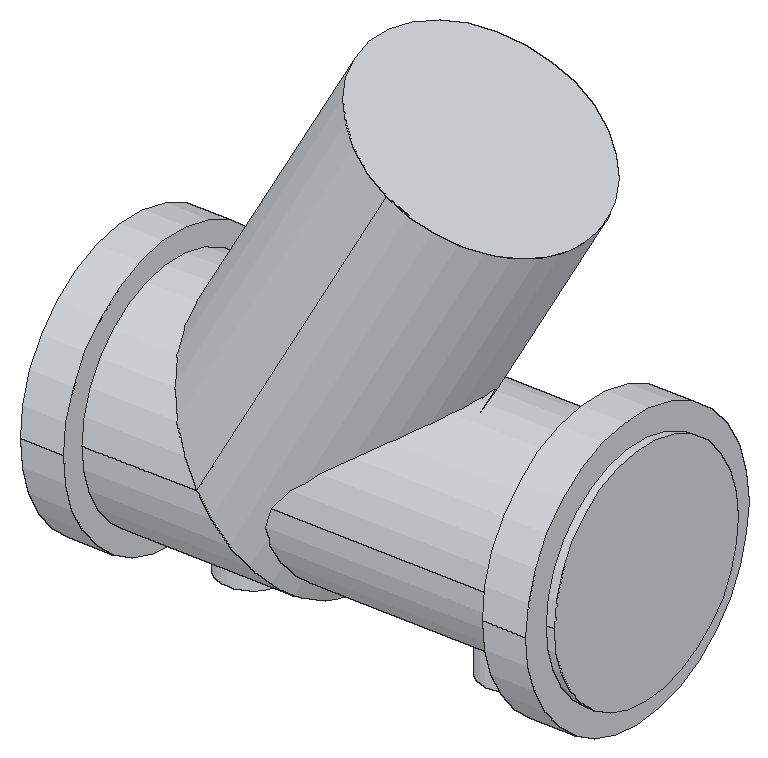
Revit family "HS 821-síto_standard-PN16-DN350-RFA_2018", category Pipe Accessories, Revit 2018
Family settings
  Round Connector Dimension = Use Diameter
  Part Type = Breaks Into
  Work Plane-Based = No
  Always vertical = Yes
  Cut with Voids When Loaded = No
  Shared = No
Parameters (values of type "821A-DN350-PN16-síto_standard")
  magiProductId = "eebc71459bb3451bb4355e7951370a"
  magiProductFamilyId = "79214ac3aaa945e397802f559f5c1e"
  magiPartTypeId = 307
  isMeasuringValve [instance] = no
  ang2D [instance] = 0.00°
  ZB__ve = -ZB  # -80 mm
  ZB1 = 173.745 mm
  ZB = 80 mm
  X2 = 356.875 mm
  X1 = 137.2 mm
  W2D = 15 mm
  VersionID = "2.0/2017.9.26.1/ZETKAMA_821_001"
  Use Minimum Symbol Size [instance] = yes
  URL = "www.hydronix.cz"
  Type Comments = "Filtr přírubový; síto standardní; A-PN16 (-10~300°C); D-PN25 (-10~350°C); F-PN40 (-10~400°C)"
  S = 429 mm
  QmdConnectorList = "301;D;302;D"
  Productdata [instance] = ""
  Manufacturer = "Hydronix"
  MC Product Code = "200 196 (821A; DN350; PN16; kvs2621; oko síta 1,60mm)"
  LM1 = 78.4 mm
  LM = 784 mm
  L4 = 245 mm
  L2D_Min = 3048 mm
  L2D = 130 mm
  L2 = 490 mm
  HH2 = 618.125 mm
  FD = 520 mm
  Description = "Filtr přírubový; síto standardní; 821A-PN16; 821D-PN25; 821F-PN40"
  DM1 = 438 mm
  DM = 386.1 mm
  D = 350 mm
  CC = 16.66 mm
  CAT0 = yes
  C1 = 81.34 mm
  C = 98 mm
  BD = 121.621 mm
Types (40, lengths in mm): name | magiProductId | ZB__ve | ZB1 | ZB | X2 | X1 | S | MC Product Code | LM1 | LM | L4 | L2 | HH2 | FD | DM1 | DM | D | CC | C1 | C | BD
  821A-DN015-PN16-síto_standard | "a71bcfe8b393460598b23e8ddf7dc5" | -16.25 | 18.63 | 16.25 | 46.982 | 18.2 | 46 | "200 115 (821A; DN015; PN16; kvs6,3; oko síta 1,00mm)" | 10.4 | 104 | 32.5 | 65 | 81.375 | 95 | 27.6 | 41.4 | 15 | 2.21 | 10.79 | 13 | 13.041
  821A-DN020-PN16-síto_standard | "41cd6c7a12924f4991217528336076" | -17.75 | 22.68 | 17.75 | 51.673 | 21 | 56 | "200 120 (821A; DN020; PN16; kvs11,2; oko síta 1,00mm)" | 12 | 120 | 37.5 | 75 | 89.5 | 105 | 33.6 | 50.4 | 20 | 2.55 | 12.45 | 15 | 15.876
  821A-DN025-PN16-síto_standard | "be378b463ed14c3abf4c9b3ae8cf3a" | -19.25 | 26.325 | 19.25 | 58.601 | 22.4 | 65 | "200 125 (821A; DN025; PN16; kvs14,7; oko síta 1,00mm)" | 12.8 | 128 | 40 | 80 | 101.5 | 115 | 43.2 | 58.5 | 25 | 2.72 | 13.28 | 16 | 18.427
  821A-DN032-PN16-síto_standard | "227a0d18b21540afabe8b6067d35fa" | -23 | 30.78 | 23 | 68.849 | 25.2 | 76 | "200 132 (821A; DN032; PN16; kvs23,7; oko síta 1,00mm)" | 14.4 | 144 | 45 | 90 | 119.25 | 140 | 50.4 | 68.4 | 32 | 3.06 | 14.94 | 18 | 21.546
  821A-DN040-PN16-síto_standard | "d106917c74724141a10440112d0102" | -24.5 | 34.02 | 24.5 | 75.777 | 28 | 84 | "200 140 (821A; DN040; PN16; kvs37,7; oko síta 1,00mm)" | 16 | 160 | 50 | 100 | 131.25 | 150 | 60 | 75.6 | 40 | 3.4 | 16.6 | 20 | 23.814
  821A-DN050-PN16-síto_standard | "8255d456a09e4f6486734f5dd9171b" | -26.75 | 40.095 | 26.75 | 79.061 | 32.2 | 99 | "200 150 (821A; DN050 PN16; kvs57,9; oko síta 1,00mm)" | 18.4 | 184 | 57.5 | 115 | 136.938 | 165 | 73.8 | 89.1 | 50 | 3.91 | 19.09 | 23 | 28.066
  821A-DN065-PN16-síto_standard | "235b1b3e4c0843779a4d5e3716d40a" | -29.75 | 47.79 | 29.75 | 86.927 | 40.6 | 118 | "200 165 (821A; DN065; PN16; kvs101,5; oko síta 1,25mm)" | 23.2 | 232 | 72.5 | 145 | 150.562 | 185 | 94.2 | 106.2 | 65 | 4.93 | 24.07 | 29 | 33.453
  821A-DN080-PN16-síto_standard | "a067f7c5236348ed8c820d16df7214" | -32 | 53.46 | 32 | 104.753 | 43.4 | 132 | "200 180 (821A; DN080; PN16; kvs147,4; oko síta 1,25mm)" | 24.8 | 248 | 77.5 | 155 | 181.438 | 200 | 107.4 | 118.8 | 80 | 5.27 | 25.73 | 31 | 37.422
  821A-DN100-PN16-síto_standard | "c49a648c2747461285837d643703cd" | -35 | 63.18 | 35 | 114.857 | 49 | 156 | "200 190 (821A; DN100; PN16; kvs209,6; oko síta 1,60mm)" | 28 | 280 | 87.5 | 175 | 198.937 | 220 | 131.4 | 140.4 | 100 | 5.95 | 29.05 | 35 | 44.226
  821A-DN125-PN16-síto_standard | "bf68e728a163493cbd2a663b26ebdc" | -39.5 | 74.52 | 39.5 | 131.888 | 56 | 184 | "200 191 (821A; DN125; PN16; kvs326,2; oko síta 1,60mm)" | 32 | 320 | 100 | 200 | 228.438 | 250 | 165 | 165.6 | 125 | 6.8 | 33.2 | 40 | 52.164
  821A-DN150-PN16-síto_standard | "2de770284b654863ae6bc865769dc5" | -44.75 | 85.455 | 44.75 | 155.885 | 67.2 | 211 | "200 192 (821A; DN150; PN16; kvs403; oko síta 1,60mm)" | 38.4 | 384 | 120 | 240 | 270 | 285 | 192 | 189.9 | 150 | 8.16 | 39.84 | 48 | 59.818
  821A-DN200-PN16-síto_standard | "8e5693371ab64aabb29a7f08c76e15" | -53 | 107.73 | 53 | 188.361 | 84 | 266 | "200 193 (821A; DN200; PN16; kvs707; oko síta 1,60mm)" | 48 | 480 | 150 | 300 | 326.25 | 340 | 252 | 239.4 | 200 | 10.2 | 49.8 | 60 | 75.411
  821A-DN250-PN16-síto_standard | "05e37ed948c34047acdd4c42556504" | -62.75 | 129.195 | 62.75 | 255.911 | 102.2 | 319 | "200 194 (821A; DN250; PN16; kvs1234; oko síta 1,60mm)" | 58.4 | 584 | 182.5 | 365 | 443.25 | 405 | 309.6 | 287.1 | 250 | 12.41 | 60.59 | 73 | 90.436
  821A-DN300-PN16-síto_standard | "9ad0af747269428da925480d83ce80" | -71 | 149.85 | 71 | 325.914 | 119 | 370 | "200 195 (821A; DN300; PN16; kvs1916; oko síta 1,60mm)" | 68 | 680 | 212.5 | 425 | 564.5 | 460 | 369.6 | 333 | 300 | 14.45 | 70.55 | 85 | 104.895
  821A-DN350-PN16-síto_standard | "eebc71459bb3451bb4355e7951370a" | -80 | 173.745 | 80 | 356.875 | 137.2 | 429 | "200 196 (821A; DN350; PN16; kvs2621; oko síta 1,60mm)" | 78.4 | 784 | 245 | 490 | 618.125 | 520 | 438 | 386.1 | 350 | 16.66 | 81.34 | 98 | 121.621
  821A-DN400-PN16-síto_standard | "d2f677cb196647e385b2590e7d8abe" | -89 | 194.4 | 89 | 392.237 | 154 | 480 | "200 197 (821A; DN400; PN16; kvs3460; oko síta 1,60mm)" | 88 | 880 | 275 | 550 | 679.375 | 580 | 498 | 432 | 400 | 18.7 | 91.3 | 110 | 136.08
  821D-DN015-PN25-síto_standard | "27ddcbf555414f8ca1fde329bf9087" | -16.25 | 18.63 | 16.25 | 46.982 | 18.2 | 46 | "200 215 (821D; DN015; PN25; kvs6,3; oko síta 1,00mm)" | 10.4 | 104 | 32.5 | 65 | 81.375 | 95 | 27.6 | 41.4 | 15 | 2.21 | 10.79 | 13 | 13.041
  821D-DN020-PN25-síto_standard | "270e0f14012f47189cd0235c18faee" | -17.75 | 22.68 | 17.75 | 51.673 | 21 | 56 | "200 220 (821D; DN020; PN25; kvs11,2; oko síta 1,00mm)" | 12 | 120 | 37.5 | 75 | 89.5 | 105 | 33.6 | 50.4 | 20 | 2.55 | 12.45 | 15 | 15.876
  821D-DN025-PN25-síto_standard | "b9a7fb4aa36643878c637d8e1ab992" | -19.25 | 26.325 | 19.25 | 58.601 | 22.4 | 65 | "200 225 (821D; DN025; PN25; kvs14,7; oko síta 1,00mm)" | 12.8 | 128 | 40 | 80 | 101.5 | 115 | 43.2 | 58.5 | 25 | 2.72 | 13.28 | 16 | 18.427
  821D-DN032-PN25-síto_standard | "6be9a55c4e68400f94eec7e804204c" | -23 | 30.78 | 23 | 68.849 | 25.2 | 76 | "200 232 (821D; DN032; PN25; kvs23,7; oko síta 1,00mm)" | 14.4 | 144 | 45 | 90 | 119.25 | 140 | 50.4 | 68.4 | 32 | 3.06 | 14.94 | 18 | 21.546
  821D-DN040-PN25-síto_standard | "c54511bd7f584ec2984291479612cb" | -24.5 | 34.02 | 24.5 | 75.777 | 28 | 84 | "200 240 (821D; DN040; PN25; kvs37,7; oko síta 1,00mm)" | 16 | 160 | 50 | 100 | 131.25 | 150 | 60 | 75.6 | 40 | 3.4 | 16.6 | 20 | 23.814
  821D-DN050-PN25-síto_standard | "5483b1f596b04cd39b23a14a22c90e" | -26.75 | 40.095 | 26.75 | 79.061 | 32.2 | 99 | "200 250 (821D; DN050; PN25; kvs57,9; oko síta 1,00mm)" | 18.4 | 184 | 57.5 | 115 | 136.938 | 165 | 73.8 | 89.1 | 50 | 3.91 | 19.09 | 23 | 28.066
  821D-DN065-PN25-síto_standard | "767b0f8318e94750bc7a9930ed5b30" | -29.75 | 47.79 | 29.75 | 86.927 | 40.6 | 118 | "200 265 (821D; DN065; PN25; kvs101,5; oko síta 1,25mm)" | 23.2 | 232 | 72.5 | 145 | 150.562 | 185 | 94.2 | 106.2 | 65 | 4.93 | 24.07 | 29 | 33.453
  821D-DN080-PN25-síto_standard | "e21040fa3cc2404b858198f6b73709" | -32 | 53.46 | 32 | 104.753 | 43.4 | 132 | "200 280 (821D; DN080; PN25; kvs147,4; oko síta 1,25mm)" | 24.8 | 248 | 77.5 | 155 | 181.438 | 200 | 107.4 | 118.8 | 80 | 5.27 | 25.73 | 31 | 37.422
  821D-DN100-PN25-síto_standard | "175ca87a506b40b3bc6b82f12f33cf" | -37.25 | 63.18 | 37.25 | 114.857 | 49 | 156 | "200 290 (821D; DN100; PN25; kvs209,6; oko síta 1,60mm)" | 28 | 280 | 87.5 | 175 | 198.937 | 235 | 131.4 | 140.4 | 100 | 5.95 | 29.05 | 35 | 44.226
  821D-DN125-PN25-síto_standard | "77cc98d60da24855999a22dff726b2" | -42.5 | 74.52 | 42.5 | 131.888 | 56 | 184 | "200 291 (821D; DN125; PN25; kvs326,2; oko síta 1,60mm)" | 32 | 320 | 100 | 200 | 228.438 | 270 | 165 | 165.6 | 125 | 6.8 | 33.2 | 40 | 52.164
  821D-DN150-PN25-síto_standard | "9cf8acfcd15547d68e83172d3abcbe" | -47 | 85.455 | 47 | 155.885 | 67.2 | 211 | "200 292 (821D; DN150; PN25; kvs403; oko síta 1,60mm)" | 38.4 | 384 | 120 | 240 | 270 | 300 | 192 | 189.9 | 150 | 8.16 | 39.84 | 48 | 59.818
  821D-DN200-PN25-síto_standard | "16973f3c9ea14389ba8602495a6b64" | -56 | 110.97 | 56 | 188.361 | 84 | 274 | "200 293 (821D; DN200; PN25; kvs707; oko síta 1,60mm)" | 48 | 480 | 150 | 300 | 326.25 | 360 | 252 | 246.6 | 200 | 10.2 | 49.8 | 60 | 77.679
  821F-DN015-PN40-síto_standard | "4c7eaf3c4c0340888b3e684d8a8616" | -16.25 | 18.225 | 16.25 | 46.982 | 18.2 | 45 | "240 615 (821F; DN015; PN40; kvs6,3; oko síta 1,00mm)" | 10.4 | 104 | 32.5 | 65 | 81.375 | 95 | 27.6 | 40.5 | 15 | 2.21 | 10.79 | 13 | 12.757
  821F-DN020-PN40-síto_standard | "aaac5f1ec96b44d6ba96ac2293d66d" | -17.75 | 23.49 | 17.75 | 51.673 | 21 | 58 | "240 620 (821F; DN020; PN40; kvs11,2; oko síta 1,00mm)" | 12 | 120 | 37.5 | 75 | 89.5 | 105 | 33.6 | 52.2 | 20 | 2.55 | 12.45 | 15 | 16.443
  821F-DN025-PN40-síto_standard | "504768023968471481789485b54c7e" | -19.25 | 27.54 | 19.25 | 58.601 | 22.4 | 68 | "240 625 (821F; DN025; PN40; kvs14,7; oko síta 1,00mm)" | 12.8 | 128 | 40 | 80 | 101.5 | 115 | 43.2 | 61.2 | 25 | 2.72 | 13.28 | 16 | 19.278
  821F-DN032-PN40-síto_standard | "165e7f39cf744f329bdf1c400dad12" | -23 | 31.59 | 23 | 68.849 | 25.2 | 78 | "240 632 (821F; DN032; PN40; kvs23,7; oko síta 1,00mm)" | 14.4 | 144 | 45 | 90 | 119.25 | 140 | 50.4 | 70.2 | 32 | 3.06 | 14.94 | 18 | 22.113
  821F-DN040-PN40-síto_standard | "b8903f952089408fbf3a5a632bab1f" | -24.5 | 35.64 | 24.5 | 75.777 | 28 | 88 | "240 640 (821F; DN040; PN40; kvs37,7; oko síta 1,00mm)" | 16 | 160 | 50 | 100 | 131.25 | 150 | 60 | 79.2 | 40 | 3.4 | 16.6 | 20 | 24.948
  821F-DN050-PN40-síto_standard | "c451f97266fe48da8f879cb6a2bd44" | -26.75 | 41.31 | 26.75 | 79.061 | 32.2 | 102 | "240 650 (821F; DN050; PN40; kvs57,9; oko síta 1,00mm)" | 18.4 | 184 | 57.5 | 115 | 136.938 | 165 | 73.8 | 91.8 | 50 | 3.91 | 19.09 | 23 | 28.917
  821F-DN065-PN40-síto_standard | "dc9821e3f9b34e128f6a8c6b34c198" | -29.75 | 49.41 | 29.75 | 86.927 | 40.6 | 122 | "240 665 (821F; DN065; PN40; kvs101,5; oko síta 1,25mm)" | 23.2 | 232 | 72.5 | 145 | 150.562 | 185 | 94.2 | 109.8 | 65 | 4.93 | 24.07 | 29 | 34.587
  821F-DN080-PN40-síto_standard | "689aa1e260f84cf4994f027a1d86b5" | -32 | 55.89 | 32 | 104.753 | 43.4 | 138 | "240 680 (821F; DN080; PN40; kvs147,4; oko síta 1,25mm)" | 24.8 | 248 | 77.5 | 155 | 181.438 | 200 | 107.4 | 124.2 | 80 | 5.27 | 25.73 | 31 | 39.123
  821F-DN100-PN40-síto_standard | "8a45d4e8e2ab425f8c432f21d684f3" | -37.25 | 65.61 | 37.25 | 114.857 | 49 | 162 | "240 690 (821F; DN100; PN40; kvs209,6; oko síta 1,6mm)" | 28 | 280 | 87.5 | 175 | 198.937 | 235 | 131.4 | 145.8 | 100 | 5.95 | 29.05 | 35 | 45.927
  821F-DN125-PN40-síto_standard | "cf073904c006406b8645afa67ea2fc" | -42.5 | 76.14 | 42.5 | 131.888 | 56 | 188 | "240 691 (821F; DN125; PN40; kvs326,2; oko síta 1,6mm)" | 32 | 320 | 100 | 200 | 228.438 | 270 | 165 | 169.2 | 125 | 6.8 | 33.2 | 40 | 53.298
  821F-DN150-PN40-síto_standard | "0153b9ddabe14992a630484929fdbc" | -47 | 88.29 | 47 | 155.885 | 67.2 | 218 | "240 692 (821F; DN150; PN40; kvs403; oko síta 1,6mm)" | 38.4 | 384 | 120 | 240 | 270 | 300 | 192 | 196.2 | 150 | 8.16 | 39.84 | 48 | 61.803
  821F-DN200-PN40-síto_standard | "7fb3fc01dd8d42428c203e3f8dd4d5" | -56 | 115.425 | 56 | 188.361 | 84 | 285 | "240 693 (821F; DN200; PN40; kvs707; oko síta 1,6mm)" | 48 | 480 | 150 | 300 | 326.25 | 360 | 252 | 256.5 | 200 | 10.2 | 49.8 | 60 | 80.797
Reference planes
  plane 1 "Center (Front/Back)": y = 0
  plane 2 "XYPLANE": z = 0
  plane 3 "Center (Left/Right)": x = 0
  plane 4 "109": x = -313.6
  plane 5 "108": x = 392
  plane 6 "107": x = -392
  plane 7 "105": x = 490
  plane 8 "104": x = -490
  plane 9 "103": y = 0
  plane 10 "102": z = 0
  plane 11 "101": x = -473.34
  plane 12 "100": x = 473.34
  plane 13 "11": x = -176.4
  plane 14 "10": z = 618.125
  plane 15 "9": x = 180.475
  plane 16 "5": z = -173.745
  plane 17 "4": x = -245
  plane 18 "1": x = 245
Forms (mm)
  Extrusion 1, solid, visible <- "CAT0"
    sketch origin (-392, -750, 0) x (0, 1, 0) y (0, 0, 1)
      loop
        circle (750, 0) r 193.05
    from 0 to 784 <- "LM"
  Extrusion 2, solid
    sketch origin (-490, -750, 0) x (0, 1, 0) y (0, 0, 1)
      loop
        circle (750, 0) r 214.5
    from 0 to 16.66 <- "CC"
  Extrusion 3, solid
    sketch origin (-473.34, -750, 0) x (0, 1, 0) y (0, 0, 1)
      loop
        circle (750, 0) r 260
    from 0 to 81.34 <- "C1"
  Extrusion 4, solid
    sketch origin (392, -750, 0) x (0, 1, 0) y (0, 0, 1)
      loop
        circle (750, 0) r 260
    from 0 to 81.34 <- "C1"
  Extrusion 5, solid
    sketch origin (473.34, -750, 0) x (0, 1, 0) y (0, 0, 1)
      loop
        circle (750, 0) r 214.5
    from 0 to 16.66 <- "CC"
  Sweep 6, solid, visible <- "CAT0"
    path origin (750, 0, 0) x (-1, 0, 0) y (0, 0, 1)
      loop
        line (1142, 0) -> (926.4, 0) -> (569.525, 618.125)
    profile origin (-392, 0, 0) x (0, 0, -1) y (0, 1, 0)
      loop
        circle (0, 0) r 219
  Extrusion 7, solid, visible <- "CAT0"
    sketch origin (-750, 0, -173.745) x (1, 0, 0) y (0, 1, 0)
      loop
        circle (505, 0) r 60.811
    from 0 to -80 <- "ZB__ve"
  Extrusion 8, solid, visible <- "CAT0"
    sketch origin (-750, 0, -173.745) x (1, 0, 0) y (0, 1, 0)
      loop
        circle (995, 0) r 60.811
    from 0 to -80 <- "ZB__ve"
  Extrusion 9, solid, not visible
    sketch origin (490, -750, 0) x (0, 1, 0) y (0, 0, 1)
      loop
        circle (750, 0) r 10
    from 0 to -10
  Extrusion 10, solid, not visible
    sketch origin (-490, -750, 0) x (0, 1, 0) y (0, 0, 1)
      loop
        circle (750, 0) r 10
    from 0 to 10
Lines and regions (mm)
  reference lines, not visible
    curve 1: circle (2, 2, 0) r 1 normal (0, 0, 1)
Dimensions and locks
  plane 1 "Center (Front/Back)" to curve 1 = 2 mm
  "LM1": plane 6 "107" to plane 4 "109"
  "LM": plane 6 "107" to plane 5 "108"
  "C": plane 8 "104" to plane 6 "107"
  "L2": plane 3 "Center (Left/Right)" to plane 7 "105"
  "L2": plane 3 "Center (Left/Right)" to plane 8 "104"
  locked: plane 1 "Center (Front/Back)" to plane 9 "103"
  locked: plane 2 "XYPLANE" to plane 10 "102"
  "CC": plane 8 "104" to plane 11 "101"
  "C1": plane 5 "108" to plane 12 "100"
  "X1": plane 4 "109" to plane 13 "11"
  "HH2": plane 2 "XYPLANE" to plane 14 "10"
  "X2": plane 13 "11" to plane 15 "9"
  "ZB1": plane 2 "XYPLANE" to plane 16 "5"
  "L4": plane 8 "104" to plane 17 "4"
  "L2": plane 17 "4" to plane 18 "1"
  Sweep 6 sketch curve to Sweep 6 sketch curve = 0 mm  (x2)
  "DM": diameter of Extrusion 1 sketch curve
  "S": diameter of Extrusion 2 sketch curve
  "FD": diameter of Extrusion 3 sketch curve
  "FD": diameter of Extrusion 4 sketch curve
  "S": diameter of Extrusion 5 sketch curve
  "DM1": diameter of Sweep 6 sketch curve
  "BD": diameter of Extrusion 7 sketch curve
  "BD": diameter of Extrusion 8 sketch curve
  aligned and locked: level to plane 2 "XYPLANE"
  aligned and locked: Extrusion 1 sketch curve to plane 9 "103"
  aligned and locked: plane 10 "102" to Extrusion 1 sketch curve
  aligned and locked: Extrusion 2 sketch curve to plane 9 "103"
  aligned and locked: plane 10 "102" to Extrusion 2 sketch curve
  aligned and locked: Extrusion 3 sketch curve to plane 9 "103"
  aligned and locked: plane 10 "102" to Extrusion 3 sketch curve
  aligned and locked: Extrusion 4 sketch curve to plane 9 "103"
  aligned and locked: plane 10 "102" to Extrusion 4 sketch curve
  aligned and locked: Extrusion 5 sketch curve to plane 9 "103"
  aligned and locked: plane 10 "102" to Extrusion 5 sketch curve
  aligned and locked: Sweep 6 sketch curve to plane 9 "103"
  aligned and locked: plane 10 "102" to Sweep 6 sketch curve  (x3)
  aligned and locked: plane 6 "107" to Sweep 6 sketch curve
  aligned and locked: plane 13 "11" to Sweep 6 sketch curve
  aligned and locked: plane 14 "10" to Sweep 6 sketch curve
  aligned and locked: plane 15 "9" to Sweep 6 sketch curve
  aligned and locked: plane 9 "103" to Extrusion 7 sketch curve
  aligned and locked: plane 17 "4" to Extrusion 7 sketch curve
  aligned and locked: plane 9 "103" to Extrusion 8 sketch curve
  aligned and locked: plane 18 "1" to Extrusion 8 sketch curve
  aligned and locked: Extrusion 9 sketch curve to plane 9 "103"
  aligned and locked: plane 10 "102" to Extrusion 9 sketch curve
  aligned and locked: Extrusion 10 sketch curve to plane 9 "103"
  aligned and locked: plane 10 "102" to Extrusion 10 sketch curve
Automatic sketch dimensions
  plane 1 "Center (Front/Back)" to Extrusion 9 sketch curve = 10 mm
  plane 1 "Center (Front/Back)" to Extrusion 10 sketch curve = 10 mm
  plane 3 "Center (Left/Right)" to curve 1 = 2 mm
  radius of curve 1 = 1 mm
Connectors
  piping at (-490, 0, 0), diameter 350, driven by "D"
    settings: on Extrusion 10, index 1, connector inside diameter 609.6 mm, connector length 0 mm, flow factor 0, pipe flow 0.0 L/s, pressure drop 0.0 Pa, fitting loss kfactor 0, connector angle 0.00°, fixture units 0, engagement length 0 mm, angle of deflection 0.00°, flow configuration 0, flow direction 0, fitting loss method 0, system type 29, joint type 0, gender type 0, connector reference index 2, connector utility 0, adjustable connector no, is connector primary yes, connector description ""
  piping at (490, 0, 0), diameter 350, driven by "D"
    settings: on Extrusion 9, index 2, connector inside diameter 609.6 mm, connector length 0 mm, flow factor 0, pipe flow 0.0 L/s, pressure drop 0.0 Pa, fitting loss kfactor 0, connector angle 0.00°, fixture units 0, engagement length 0 mm, angle of deflection 0.00°, flow configuration 0, flow direction 0, fitting loss method 0, system type 29, joint type 0, gender type 0, connector reference index 1, connector utility 0, adjustable connector no, is connector primary no, connector description ""
